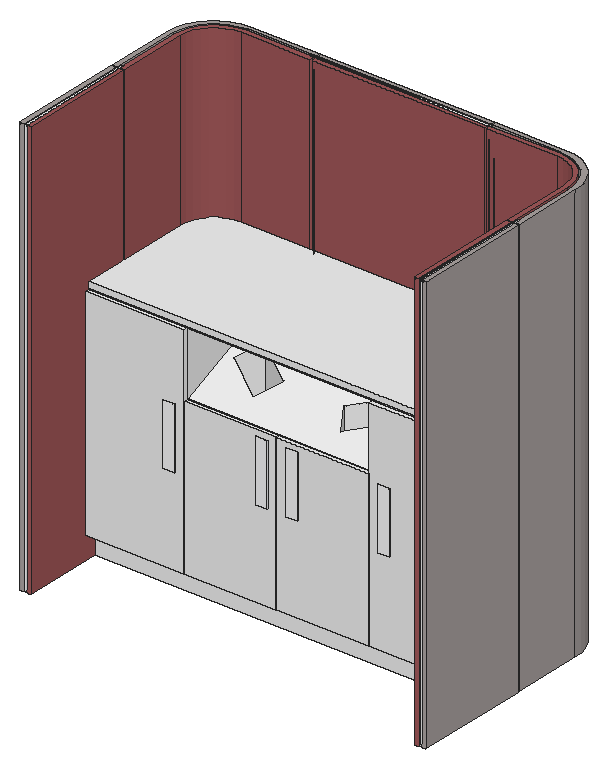
Revit family "NBS_Senator_MeetingPods_ResourceCorral", category Furniture, Revit 2018
Family settings
  Work Plane-Based = No
  Always vertical = Yes
  Cut with Voids When Loaded = No
  Shared = No
  Room Calculation Point = No
Parameters (values of type "PDRC18RECYCLE")
  WarrantyStartDate [instance] = "1900-12-31T23:59:59"
  WarrantyGuarantorParts = "contactus@thesenatorgroup.com"
  WarrantyGuarantorLabor = "n/a"
  WarrantyDurationUnit = "year"
  WarrantyDurationParts = "10"
  WarrantyDurationLabor = "n/a"
  WarrantyDescription = "Senator warrants that its manufactured products are free from manufacturing defects - in materials or workmanship - for a period of ten (10) years on Senator Seating ranges; and fifteen (15) years on Senator Desking ranges - exceptions are listed below. Senator will repair or replace (at Senator’s sole discretion) with comparable free of charge materials / components, any product / component, which fails under normal use in a single shift environment, as a result of a defect in the materials and / or workmanship"
  Version = "1"  # constant formula
  Uniclass2015Version = "Products v1.16"
  Uniclass2015Title = "Meeting pods"
  Uniclass2015Code = "Pr_40_50_12_53"
  TagNumber [instance] = "n/a"
  SustainabilityPerformance = "99% recyclable"
  Style = "Pods"
  StorageMaterial = NBS_Senator_Wood_White
  StorageHeight = 1070 mm  # constant formula
  StorageHandleMaterial = NBS_Senator_Aluminium_Flat_Silver
  Status = "UNSET"
  Size = "1000 x 1750 x 1400 mm"
  Shape = "n/a"
  SerialNumber [instance] = "n/a"
  SeatWidth = "n/a"
  SeatDepth = "n/a"
  Revision = "n/a"
  ResourceCorralWidth = 1750 mm  # constant formula
  ResourceCorralHeight [instance] = if(Is1400ScreenHeight, 1400 mm, 1800 mm)  # 1800 mm
  ResourceCorralDepth = 1000 mm  # constant formula
  ReplacementCost = "n/a"
  Reference = "n/a"
  ProductInformation = "n/a"
  PDRC18STORAGE = no
  PDRC18RECYCLE = not(PDRC18STORAGE)  # yes
  OuterPaneMaterial = NBS_Senator_VirginWool_StAndrews
  NominalWidth = 1400 mm
  NominalLength = 1750 mm
  NominalHeight = 1400 mm
  NominalDepth = 1000 mm
  Name = "Pods_ResourceCorral_PDRC18RECYCLE_Senator"
  NBSReference = "45-35-20/342"
  NBSDescription = "Meeting pods"
  NBSCertification = "www.nationalbimlibrary.com/cert/5pyf0izc"
  ModelReference = "Pods-ResourceCorral_PDRC18RECYCLE"
  ModelNumber = "PDRC18RECYCLE"
  Material = "Fabric, metal, plastic"
  ManufacturerURL = "www.senator.co.uk"
  ManufacturerName = "The Senator Group"  # constant formula
  Manufacturer = "sales@senator.co.uk"
  MainColor = "n/a"
  IsBuiltIn = no
  Is1400ScreenHeight [instance] = no
  InstallationDate [instance] = "1900-12-31T23:59:59"
  InnerPanelMaterial = NBS_Senator_VirginWool_Wellington
  IfcExportType = "USERDEFINED"  # constant formula
  IfcExportAs = "IfcFurnitureType"  # constant formula
  Grade = "n/a"
  FramesColour = "Black, white"
  FrameMaterial = NBS_Senator_Aluminium_Rigid_Siver
  FinishOptions = "Carini walnut, mocha, autumn, strata oak, maple, highland oak, beech, winter oak, hacienda white, white, light grey, denim, clay, lemon sorbet"
  Finish = "Outer vertical panels upholstered in camira, blazer fabric Two tone is standard"
  Features = "Internal frame with multi-layered acoustic foam, levelling adjusters, blazer fabric, outer vertical panels"
  FabricFinishOptions = "Plymouth, fairfield, latymer, lancaster, silcoates, silverdale, st andrews, trevelyan, ulster, wellington, wesley, manchester,"
  ExpectedLife = "10"
  DurationUnit = "year"
  Description = "Storage unit comprises two lockable cupboards and two recycle compartments with integrated bins"
  Constituents = "n/a"
  Color = "n/a"
  CodePerformance = "n/a"
  Category = "Pr_40_50_12_53:Meeting pods"
  BarCode [instance] = "n/a"
  BIMObjectName = "NBS_Senator_MeetingPods_ResourceCorral_PDRC18RECYCLE"
  Author = "NBS"  # constant formula
  AssetType = "Fixed"
  AssetIdentifier [instance] = "n/a"
  Accessories = "Monitor arms, PU desk accessories, desk top accessories, CPU holders, electrical accessories, coat hanger, name plate, A2 dry wipe board with hanger, A3 dry wipe board with hanger"
  AccessibilityPerformance = "n/a"
Types (3, lengths in mm): name | Size | ResourceCorralHeight | PDRC18STORAGE | PDRC18RECYCLE | NominalWidth | NominalHeight | Name | ModelReference | ModelNumber | Is1400ScreenHeight | BIMObjectName
  (no name) | "1000 x 1750 x 1400 mm" | 1800 | no | yes | 1400 | 1400 | "Pods_ResourceCorral_PDRC18RECYCLE_Senator" | "Pods-ResourceCorral_PDRC18RECYCLE" | "PDRC18RECYCLE" | no | "NBS_Senator_MeetingPods_ResourceCorral_PDRC18RECYCLE"
  PDRC18RECYCLE | "1000 x 1750 x 1400 mm" | 1800 | no | yes | 1400 | 1400 | "Pods_ResourceCorral_PDRC18RECYCLE_Senator" | "Pods-ResourceCorral_PDRC18RECYCLE" | "PDRC18RECYCLE" | no | "NBS_Senator_MeetingPods_ResourceCorral_PDRC18RECYCLE"
  PDRC18STORAGE | "1000 x 1750 x 1800 mm" | 1400 | yes | no | 1800 | 1800 | "Pods_ResourceCorral_PDRC18STORAGE_Senator" | "Pods-ResourceCorral_PDRC18STORAGE" | "PDRC18STORAGE" | yes | "NBS_Senator_MeetingPods_ResourceCorral_PDRC18STORAGE"
Reference planes
  plane 1 "Center (Front/Back)": y = 0
  plane 2: z = 0
  plane 3 "Center (Left/Right)": x = 0
  plane 4 "Left": x = -875
  plane 5 "Right": x = 875
  plane 6 "Back": y = 500
  plane 7 "Front": y = -500
  plane 8 "Top": z = 1800
  plane 9: x = -825
  plane 10: y = 450
  plane 11: x = 825
  plane 12: z = 1070
  plane 13: x = -855
  plane 14: x = -845
  plane 15: x = 845
  plane 16: x = 855
  plane 17: y = 480
  plane 18: y = 470
Forms (mm)
  Extrusion 1, solid, material "NBS_Senator_VirginWool_StAndrews" <- "OuterPaneMaterial", detail levels fine
    sketch origin (0, 0, 0) x (1, 0, 0) y (0, 1, 0)
      loop
        arc (-680, 500) -> (-817.886, 442.886) -> (-875, 305) r 195
        line (-875, 305) -> (-875, 5.846)
        arc (-875, 5.846) -> (-865, 0.843) -> (-855, 5.846) r 12.496
        line (-855, 5.846) -> (-855, 300)
        arc (-855, 300) -> (-802.279, 427.279) -> (-675, 480) r 180
        line (-675, 480) -> (-381.275, 480)
        arc (-381.275, 480) -> (-376.231, 490) -> (-381.275, 500) r 12.436
        line (-381.275, 500) -> (-680, 500)
      loop
        arc (-875, -494.999) -> (-865, -500) -> (-855, -494.999) r 12.499
        line (-855, -494.999) -> (-855, -5.154)
        arc (-855, -5.154) -> (-865, -0.151) -> (-875, -5.154) r 12.495
        line (-875, -5.154) -> (-875, -494.999)
      loop
        arc (875, 305) -> (817.886, 442.886) -> (680, 500) r 195
        line (680, 500) -> (380.025, 500)
        arc (380.025, 500) -> (375.004, 490) -> (380.025, 480) r 12.47
        line (380.025, 480) -> (670, 480)
        arc (670, 480) -> (800.815, 425.815) -> (855, 295) r 185
        line (855, 295) -> (855, 5.905)
        arc (855, 5.905) -> (865, 0.846) -> (875, 5.905) r 12.412
        line (875, 5.905) -> (875, 305)
      loop
        arc (855, -495.081) -> (865, -500) -> (875, -495.081) r 12.625
        line (875, -495.081) -> (875, -5.073)
        arc (875, -5.073) -> (865, -0.151) -> (855, -5.073) r 12.619
        line (855, -5.073) -> (855, -495.081)
      loop
        arc (-370.154, 500) -> (-375.275, 490) -> (-370.154, 480) r 12.324
        line (-370.154, 480) -> (368.904, 480)
        arc (368.904, 480) -> (374.025, 490) -> (368.904, 500) r 12.324
        line (368.904, 500) -> (-370.154, 500)
    from 0 to 1800
  Extrusion 2, solid, material "NBS_Senator_VirginWool_Wellington" <- "InnerPanelMaterial", detail levels fine
    sketch origin (0, 0, 0) x (1, 0, 0) y (0, 1, 0)
      loop
        arc (-675, 470) -> (-795.208, 420.208) -> (-845, 300) r 170
        line (-845, 300) -> (-845, 5.846)
        arc (-845, 5.846) -> (-835, 0.785) -> (-825, 5.846) r 12.411
        line (-825, 5.846) -> (-825, 305)
        arc (-825, 305) -> (-782.53, 407.53) -> (-680, 450) r 145
        line (-680, 450) -> (-381.285, 450)
        arc (-381.285, 450) -> (-376.275, 460) -> (-381.285, 470) r 12.485
        line (-381.285, 470) -> (-675, 470)
      loop
        arc (-845, -494.952) -> (-835, -500) -> (-825, -494.952) r 12.429
        line (-825, -494.952) -> (-825, -5.154)
        arc (-825, -5.154) -> (-835, -0.147) -> (-845, -5.154) r 12.489
        line (-845, -5.154) -> (-845, -494.952)
      loop
        arc (845, 300) -> (795.208, 420.208) -> (675, 470) r 170
        line (675, 470) -> (380.035, 470)
        arc (380.035, 470) -> (375.025, 460) -> (380.035, 450) r 12.485
        line (380.035, 450) -> (680, 450)
        arc (680, 450) -> (782.53, 407.53) -> (825, 305) r 145
        line (825, 305) -> (825, 5.905)
        arc (825, 5.905) -> (835, 0.832) -> (845, 5.905) r 12.392
        line (845, 5.905) -> (845, 300)
      loop
        arc (825, -494.82) -> (835, -500) -> (845, -494.82) r 12.242
        line (845, -494.82) -> (845, -5.154)
        arc (845, -5.154) -> (835, -0.135) -> (825, -5.154) r 12.471
        line (825, -5.154) -> (825, -494.82)
      loop
        arc (-370.154, 470) -> (-375.275, 460) -> (-370.154, 450) r 12.324
        line (-370.154, 450) -> (368.904, 450)
        arc (368.904, 450) -> (374.025, 460) -> (368.904, 470) r 12.324
        line (368.904, 470) -> (-370.154, 470)
    from 0 to 1800
  Extrusion 3, solid, material "NBS_Senator_Aluminium_Rigid_Siver" <- "FrameMaterial", detail levels fine
    sketch origin (0, 0, 0) x (1, 0, 0) y (0, 1, 0)
      loop
        arc (-855, -491.803) -> (-850, -496.803) -> (-845, -491.803) r 5
        line (-845, -491.803) -> (-845, 25.918) -> (-855, 25.918) -> (-855, -491.803)
      loop
        line (-401.348, 480) -> (-401.348, 470) -> (368.828, 470)
        arc (368.828, 470) -> (373.828, 475) -> (368.828, 480) r 5
        line (368.828, 480) -> (-401.348, 480)
      loop
        line (855, 25.918) -> (845, 25.918) -> (845, -491.005)
        arc (845, -491.005) -> (850, -496.005) -> (855, -491.005) r 5
        line (855, -491.005) -> (855, 25.918)
    from 0 to 1800
  Extrusion 4, solid, material "NBS_Senator_VirginWool_StAndrews" <- "OuterPaneMaterial", detail levels coarse+medium
    sketch origin (0, 0, 0) x (1, 0, 0) y (0, 1, 0)
      loop
        arc (-680, 505) -> (-821.421, 446.421) -> (-880, 305) r 200
        line (-880, 305) -> (-880, -486.917)
        arc (-880, -486.917) -> (-850, -516.917) -> (-820, -486.917) r 30
        line (-820, -486.917) -> (-820, 305)
        arc (-820, 305) -> (-778.995, 403.995) -> (-680, 445) r 140
        line (-680, 445) -> (680, 445)
        arc (680, 445) -> (778.995, 403.995) -> (820, 305) r 140
        line (820, 305) -> (820, -487.643)
        arc (820, -487.643) -> (850, -517.643) -> (880, -487.643) r 30
        line (880, -487.643) -> (880, 310)
        arc (880, 310) -> (822.886, 447.886) -> (685, 505) r 195
        line (685, 505) -> (-680, 505)
    from 0 to 1800
  Extrusion 5, solid, material "NBS_Senator_Wood_White" <- "StorageMaterial", detail levels coarse
    sketch origin (0, 0, 0) x (1, 0, 0) y (0, 1, 0)
      loop
        arc (-675, 445) -> (-777.53, 402.53) -> (-820, 300) r 145
        line (-820, 300) -> (-820, -210) -> (820, -210) -> (820, 305)
        arc (820, 305) -> (778.995, 403.995) -> (680, 445) r 140
        line (680, 445) -> (-675, 445)
    from 0 to 1070
Dimensions and locks
  "ResourceCorralHeight": plane 8 "Top" to plane 2
  equal spacing: plane 4 "Left", plane 3 "Center (Left/Right)", plane 5 "Right"
  "ResourceCorralWidth": plane 4 "Left" to plane 5 "Right"
  equal spacing: plane 6 "Back", plane 1 "Center (Front/Back)", plane 7 "Front"
  "ResourceCorralDepth": plane 6 "Back" to plane 7 "Front"
  locked: plane 4 "Left" to plane 9 at 50
  locked: plane 11 to plane 5 "Right" at 50
  locked: plane 6 "Back" to plane 10 at 50
  "StorageHeight": plane 12 to plane 2
  locked: plane 4 "Left" to plane 13 at 20
  locked: plane 14 to plane 9 at 20
  locked: plane 16 to plane 5 "Right" at 20
  locked: plane 11 to plane 15 at 20
  locked: plane 6 "Back" to plane 17 at 20
  locked: plane 10 to plane 18 at 20
  aligned and locked: level to plane 2
  aligned and locked: Extrusion 1 sketch curve to plane 6 "Back"
  aligned and locked: plane 4 "Left" to Extrusion 1 sketch curve
  aligned and locked: Extrusion 1 sketch curve to plane 13
  aligned and locked: plane 17 to Extrusion 1 sketch curve
  aligned and locked: Extrusion 1 sketch curve to plane 5 "Right"
  aligned and locked: plane 16 to Extrusion 1 sketch curve
  aligned and locked: plane 18 to Extrusion 2 sketch curve
  aligned and locked: plane 14 to Extrusion 2 sketch curve
  aligned and locked: plane 9 to Extrusion 2 sketch curve
  aligned and locked: Extrusion 2 sketch curve to plane 10
  aligned and locked: Extrusion 2 sketch curve to plane 15
  aligned and locked: Extrusion 2 sketch curve to plane 11
  aligned and locked: plane 14 to Extrusion 3 sketch curve
  aligned and locked: plane 13 to Extrusion 3 sketch curve
  aligned and locked: Extrusion 2 to plane 8 "Top"
  aligned and locked: Extrusion 1 to plane 8 "Top"
  aligned and locked: Extrusion 3 to plane 8 "Top"
  aligned and locked: Extrusion 4 to plane 8 "Top"
  aligned and locked: plane 9 to nested 1
  aligned and locked: plane 10 to nested 1
  aligned and locked: Extrusion 5 to plane 12
Automatic sketch dimensions
  Extrusion 1 sketch curve to plane 17 = 0 mm  (x2)
  Extrusion 1 sketch curve to plane 6 "Back" = 0 mm  (x2)
  Extrusion 1 sketch curve to plane 16 = 0 mm
  Extrusion 1 sketch curve to plane 5 "Right" = 0 mm
  plane 4 "Left" to Extrusion 1 sketch curve = 10 mm
  plane 9 to Extrusion 1 sketch curve = 145 mm
  Extrusion 1 sketch curve to Extrusion 1 sketch curve = 5 mm
  Extrusion 1 sketch curve to plane 6 "Back" = 10 mm  (x2)
  Extrusion 1 sketch curve to Extrusion 1 sketch curve = 286.333 mm
  Extrusion 1 sketch curve to Extrusion 1 sketch curve = 7.392 mm
  Extrusion 1 sketch curve to Extrusion 1 sketch curve = 11.121 mm  (x4)
  Extrusion 1 sketch curve to Extrusion 1 sketch curve = 7.203 mm  (x2)
  plane 3 "Center (Left/Right)" to Extrusion 1 sketch curve = 361.701 mm
  Extrusion 1 sketch curve to Extrusion 1 sketch curve = 7.449 mm
  Extrusion 1 sketch curve to plane 11 = 155 mm
  Extrusion 1 sketch curve to Extrusion 1 sketch curve = 10 mm
  Extrusion 1 sketch curve to plane 5 "Right" = 10 mm  (x3)
  Extrusion 1 sketch curve to plane 1 "Center (Front/Back)" = 13.339 mm
  Extrusion 1 sketch curve to plane 1 "Center (Front/Back)" = 13.257 mm
  Extrusion 1 sketch curve to plane 1 "Center (Front/Back)" = 5.905 mm
  Extrusion 1 sketch curve to plane 1 "Center (Front/Back)" = 5.846 mm  (x2)
  plane 1 "Center (Front/Back)" to Extrusion 1 sketch curve = 5.073 mm
  plane 1 "Center (Front/Back)" to Extrusion 1 sketch curve = 12.646 mm
  Extrusion 1 sketch curve to Extrusion 1 sketch curve = 7.696 mm
  plane 7 "Front" to Extrusion 1 sketch curve = 12.625 mm
  plane 7 "Front" to Extrusion 1 sketch curve = 12.499 mm
  plane 7 "Front" to Extrusion 1 sketch curve = 5.001 mm
  plane 7 "Front" to Extrusion 1 sketch curve = 4.919 mm
  plane 1 "Center (Front/Back)" to Extrusion 1 sketch curve = 5.154 mm  (x2)
  Extrusion 1 sketch curve to plane 4 "Left" = 0 mm
  Extrusion 1 sketch curve to plane 13 = 0 mm
  plane 18 to Extrusion 2 sketch curve = 0 mm  (x2)
  Extrusion 2 sketch curve to plane 10 = 0 mm  (x2)
  Extrusion 2 sketch curve to plane 11 = 0 mm
  Extrusion 2 sketch curve to plane 15 = 0 mm
  Extrusion 2 sketch curve to plane 1 "Center (Front/Back)" = 5.846 mm  (x2)
  Extrusion 2 sketch curve to plane 9 = 10 mm
  plane 9 to Extrusion 2 sketch curve = 145 mm
  Extrusion 2 sketch curve to Extrusion 2 sketch curve = 5 mm  (x2)
  plane 10 to Extrusion 2 sketch curve = 10 mm  (x2)
  Extrusion 2 sketch curve to Extrusion 2 sketch curve = 286.24 mm
  Extrusion 2 sketch curve to Extrusion 2 sketch curve = 7.475 mm
  Extrusion 2 sketch curve to Extrusion 2 sketch curve = 11.131 mm  (x4)
  Extrusion 2 sketch curve to Extrusion 2 sketch curve = 7.203 mm  (x2)
  plane 3 "Center (Left/Right)" to Extrusion 2 sketch curve = 361.7 mm
  Extrusion 2 sketch curve to Extrusion 2 sketch curve = 7.474 mm
  Extrusion 2 sketch curve to plane 10 = 150 mm
  plane 11 to Extrusion 2 sketch curve = 10 mm  (x3)
  plane 1 "Center (Front/Back)" to Extrusion 2 sketch curve = 5.154 mm  (x3)
  Extrusion 2 sketch curve to Extrusion 2 sketch curve = 7.452 mm
  plane 1 "Center (Front/Back)" to Extrusion 2 sketch curve = 12.635 mm
  plane 7 "Front" to Extrusion 2 sketch curve = 12.429 mm
  plane 7 "Front" to Extrusion 2 sketch curve = 12.242 mm
  plane 7 "Front" to Extrusion 2 sketch curve = 5.18 mm
  plane 7 "Front" to Extrusion 2 sketch curve = 5.048 mm
  Extrusion 2 sketch curve to plane 1 "Center (Front/Back)" = 5.905 mm
  Extrusion 2 sketch curve to plane 1 "Center (Front/Back)" = 13.196 mm
  Extrusion 2 sketch curve to Extrusion 2 sketch curve = 7.319 mm
  Extrusion 2 sketch curve to plane 14 = 0 mm
  Extrusion 2 sketch curve to plane 9 = 0 mm
  plane 18 to Extrusion 3 sketch curve = 0 mm
  Extrusion 3 sketch curve to plane 17 = 0 mm
  Extrusion 3 sketch curve to plane 15 = 0 mm
  Extrusion 3 sketch curve to plane 16 = 0 mm
  Extrusion 3 sketch curve to plane 3 "Center (Left/Right)" = 401.348 mm
  plane 3 "Center (Left/Right)" to Extrusion 3 sketch curve = 368.828 mm
  Extrusion 3 sketch curve to plane 1 "Center (Front/Back)" = 25.918 mm  (x2)
  plane 7 "Front" to Extrusion 3 sketch curve = 8.995 mm
  plane 7 "Front" to Extrusion 3 sketch curve = 8.197 mm
  Extrusion 4 sketch curve to Extrusion 4 sketch curve = 0 mm  (x2)
  Extrusion 4 sketch curve to plane 4 "Left" = 5 mm
  plane 13 to Extrusion 4 sketch curve = 5 mm
  Extrusion 4 sketch curve to Extrusion 4 sketch curve = 140 mm
  Extrusion 4 sketch curve to plane 10 = 5 mm
  Extrusion 4 sketch curve to plane 11 = 145 mm
  Extrusion 4 sketch curve to Extrusion 4 sketch curve = 5 mm
  Extrusion 4 sketch curve to plane 11 = 5 mm
  plane 15 to Extrusion 4 sketch curve = 5 mm
  plane 7 "Front" to Extrusion 4 sketch curve = 13.083 mm
  plane 7 "Front" to Extrusion 4 sketch curve = 12.357 mm
  plane 9 to Extrusion 5 sketch curve = 5 mm
  Extrusion 5 sketch curve to Extrusion 5 sketch curve = 145 mm
  Extrusion 5 sketch curve to plane 10 = 5 mm
  Extrusion 5 sketch curve to plane 11 = 145 mm
  Extrusion 5 sketch curve to plane 11 = 5 mm
  plane 1 "Center (Front/Back)" to Extrusion 5 sketch curve = 210 mm
Nested families
  nested 1: "NBS_Senator_ResourceCorral-Storage" at (0, 130, 0), type "NBS_Senator_ResourceCorral", detail levels medium+fine
Definition of nested family "NBS_Senator_ResourceCorral-Storage"
  Parameters (values of type "NBS_Senator_ResourceCorral-Storage")
    StorageWidth = 1650 mm  # constant formula
    StorageMaterial = none
    StorageHeight = 1070 mm  # constant formula
    StorageHandleMaterial = none
    StorageDepth = 640 mm  # constant formula
    PDRC18STORAGE = no
    PDRC18RECYCLE = yes
  Reference planes
    plane 1 "Center (Front/Back)": y = 0
    plane 2: z = 0
    plane 3 "Center (Left/Right)": x = 0
    plane 4 "Left": x = -825
    plane 5 "Right": x = 825
    plane 6 "Back": y = 320
    plane 7 "Front": y = -320
    plane 8 "Top": z = 1070
    plane 9: z = 1045
    plane 10: z = 1040
    plane 11: x = -400
    plane 12: x = -398
    plane 13: x = 396
    plane 14: x = 398
    plane 15: x = -2
    plane 16: z = 100
    plane 17: y = -284.984
    plane 18: y = -337.818
    plane 19: z = 740
    plane 20: z = 475
    plane 21: x = -487.969
    plane 22: x = -437.969
    plane 23: x = -89.844
    plane 24: x = -39.844
    plane 25: x = 39.998
    plane 26: x = 89.998
    plane 27: x = 437.969
    plane 28: x = 487.969
    plane 29: y = -338.818
    plane 30: z = 765
  Forms (mm)
    Extrusion 1, solid, material <- "StorageMaterial", detail levels medium+fine
      sketch origin (0, 0, 0) x (1, 0, 0) y (0, 1, 0)
        loop
          arc (-675, 320) -> (-781.066, 276.066) -> (-825, 170) r 150
          line (-825, 170) -> (-825, -320) -> (825, -320) -> (825, 170)
          arc (825, 170) -> (781.066, 276.066) -> (675, 320) r 150
          line (675, 320) -> (-675, 320)
      from 0 to 1045
    Extrusion 2, void
      sketch origin (0, 0, 0) x (0, 1, 0) y (0, 0, 1)
        loop
          line (-284.984, 100) -> (-354.984, 100) -> (-354.984, -5) -> (-284.984, -5) -> (-284.984, 100)
      from -863.676 to 873.611
    Extrusion 3, solid, material <- "StorageMaterial", detail levels medium+fine
      sketch origin (0, 0, 0) x (1, 0, 0) y (0, 1, 0)
        loop
          arc (-675, 320) -> (-781.066, 276.066) -> (-825, 170) r 150
          line (-825, 170) -> (-825, -320) -> (825, -320) -> (825, 170)
          arc (825, 170) -> (781.066, 276.066) -> (675, 320) r 150
          line (675, 320) -> (-675, 320)
      from 1045 to 1070
    Extrusion 4, solid, material <- "StorageMaterial", visible <- "PDRC18STORAGE", detail levels medium+fine
      sketch origin (0, 0, 0) x (1, 0, 0) y (0, 1, 0)
        loop
          line (-825, -320) -> (-825, -337.818) -> (-400, -337.818) -> (-400, -320) -> (-825, -320)
        loop
          line (825, -337.818) -> (825, -320) -> (398, -320) -> (398, -337.818) -> (825, -337.818)
        loop
          line (-398, -320) -> (-398, -337.818) -> (-2, -337.818) -> (-2, -320) -> (-398, -320)
        loop
          line (0, -320) -> (0, -337.818) -> (396, -337.818) -> (396, -320) -> (0, -320)
      from 100 to 1040
    Extrusion 5, solid, material <- "StorageHandleMaterial", detail levels fine
      sketch origin (0, 0, 0) x (1, 0, 0) y (0, 0, 1)
        loop
          line (-487.969, 740) -> (-487.969, 475) -> (-437.969, 475) -> (-437.969, 740) -> (-487.969, 740)
        loop
          line (-89.844, 740) -> (-89.844, 475) -> (-39.844, 475) -> (-39.844, 740) -> (-89.844, 740)
        loop
          line (39.998, 740) -> (39.998, 475) -> (89.998, 475) -> (89.998, 740) -> (39.998, 740)
        loop
          line (437.969, 740) -> (437.969, 475) -> (487.969, 475) -> (487.969, 740) -> (437.969, 740)
      from 337.818 to 338.818
    Extrusion 6, solid, material <- "StorageMaterial", detail levels coarse
      sketch origin (0, 0, 0) x (1, 0, 0) y (0, 1, 0)
        loop
          line (-825, 320) -> (-825, -338.818) -> (825, -338.818) -> (825, 320) -> (-825, 320)
      from 0 to 1070
    Extrusion 7, solid, material <- "StorageMaterial", visible <- "PDRC18RECYCLE", detail levels medium+fine
      sketch origin (0, 0, 0) x (1, 0, 0) y (0, 1, 0)
        loop
          line (-825, -320) -> (-825, -337.818) -> (-400, -337.818) -> (-400, -320) -> (-825, -320)
        loop
          line (825, -337.818) -> (825, -320) -> (398, -320) -> (398, -337.818) -> (825, -337.818)
      from 100 to 1040
    Extrusion 8, solid, material <- "StorageMaterial", visible <- "PDRC18RECYCLE", detail levels medium+fine
      sketch origin (0, 0, 0) x (1, 0, 0) y (0, 1, 0)
        loop
          line (-398, -320) -> (-398, -337.818) -> (-2, -337.818) -> (-2, -320) -> (-398, -320)
        loop
          line (0, -320) -> (0, -337.818) -> (396, -337.818) -> (396, -320) -> (0, -320)
      from 100 to 765
    Extrusion 9, void
      sketch origin (0, 0, 0) x (0, 1, 0) y (0, 0, 1)
        loop
          line (319, 1040) -> (-320, 1040) -> (-320, 765) -> (319, 1040)
      from -398 to 396
    Extrusion 10, void
      sketch origin (0, 0, 0) x (1, 0, 0) y (0, 1, 0)
        loop
          line (-297.665, -27.156) -> (-357.272, -119.606) -> (-189.181, -227.982) -> (-129.574, -135.532) -> (-297.665, -27.156)
        loop
          line (297.665, -27.156) -> (129.574, -135.532) -> (189.181, -227.982) -> (357.272, -119.606) -> (297.665, -27.156)
      from 646.288 to 945.753
  Cuts and joins
    Extrusion 2, Extrusion 9, Extrusion 10 cuts Extrusion 1
  Dimensions and locks
    "StorageHeight": plane 8 "Top" to plane 2
    equal spacing: plane 4 "Left", plane 3 "Center (Left/Right)", plane 5 "Right"
    "StorageWidth": plane 4 "Left" to plane 5 "Right"
    equal spacing: plane 6 "Back", plane 1 "Center (Front/Back)", plane 7 "Front"
    "StorageDepth": plane 6 "Back" to plane 7 "Front"
    locked: plane 8 "Top" to plane 9 at 25
    locked: plane 9 to plane 10 at 5
    locked: plane 16 to plane 2 at 100
    locked: plane 7 "Front" to plane 17 at 35.016
    locked: plane 19 to plane 20 at 265
    locked: plane 10 to plane 20 at 565
    locked: plane 21 to plane 22 at 50
    locked: plane 23 to plane 24 at 50
    locked: plane 25 to plane 26 at 50
    locked: plane 27 to plane 28 at 50
    locked: plane 24 to plane 15 at 37.844
    locked: plane 25 to plane 3 "Center (Left/Right)" at 39.998
    locked: plane 29 to plane 18 at 1
    locked: plane 30 to plane 19 at 25
    aligned and locked: level to plane 2
    aligned and locked: Extrusion 1 sketch curve to plane 6 "Back"
    aligned and locked: plane 4 "Left" to Extrusion 1 sketch curve
    aligned and locked: Extrusion 1 sketch curve to plane 5 "Right"
    aligned and locked: plane 7 "Front" to Extrusion 1 sketch curve
    aligned and locked: Extrusion 2 sketch curve to plane 16
    aligned and locked: plane 17 to Extrusion 2 sketch curve
    aligned and locked: cut or joined group of Extrusion 1, Extrusion 2, Extrusion 9, Extrusion 10 to plane 9
    aligned and locked: Extrusion 3 sketch curve to plane 6 "Back"
    aligned and locked: plane 4 "Left" to Extrusion 3 sketch curve
    aligned and locked: Extrusion 3 sketch curve to plane 5 "Right"
    aligned and locked: plane 7 "Front" to Extrusion 3 sketch curve
    aligned and locked: Extrusion 3 to plane 8 "Top"
    aligned and locked: plane 9 to Extrusion 3
    aligned and locked: Extrusion 4 sketch curve to plane 7 "Front"
    aligned and locked: plane 18 to Extrusion 4 sketch curve
    aligned and locked: Extrusion 4 sketch curve to plane 5 "Right"
    aligned and locked: plane 4 "Left" to Extrusion 4 sketch curve
    aligned and locked: plane 14 to Extrusion 4 sketch curve
    aligned and locked: plane 13 to Extrusion 4 sketch curve
    aligned and locked: Extrusion 4 sketch curve to plane 3 "Center (Left/Right)"
    aligned and locked: plane 15 to Extrusion 4 sketch curve
    aligned and locked: plane 12 to Extrusion 4 sketch curve
    aligned and locked: plane 11 to Extrusion 4 sketch curve
    aligned and locked: plane 16 to Extrusion 4
    aligned and locked: Extrusion 4 to plane 10
    aligned and locked: Extrusion 5 sketch curve to plane 19  (x4)
    aligned and locked: plane 20 to Extrusion 5 sketch curve  (x4)
    aligned and locked: Extrusion 5 sketch curve to plane 21
    aligned and locked: plane 22 to Extrusion 5 sketch curve
    aligned and locked: Extrusion 5 sketch curve to plane 23
    aligned and locked: plane 24 to Extrusion 5 sketch curve
    aligned and locked: Extrusion 5 sketch curve to plane 25
    aligned and locked: plane 26 to Extrusion 5 sketch curve
    aligned and locked: Extrusion 5 sketch curve to plane 27
    aligned and locked: plane 28 to Extrusion 5 sketch curve
    aligned and locked: plane 18 to Extrusion 5
    aligned and locked: Extrusion 5 to plane 29
    aligned and locked: Extrusion 6 sketch curve to plane 6 "Back"
    aligned and locked: plane 4 "Left" to Extrusion 6 sketch curve
    aligned and locked: plane 29 to Extrusion 6 sketch curve
    aligned and locked: Extrusion 6 sketch curve to plane 5 "Right"
    aligned and locked: Extrusion 6 to plane 8 "Top"
    aligned and locked: Extrusion 7 to plane 10
    aligned and locked: plane 16 to Extrusion 7
    aligned and locked: plane 16 to Extrusion 8
    aligned and locked: plane 30 to Extrusion 8
    aligned and locked: Extrusion 9 to plane 13
    aligned and locked: plane 12 to Extrusion 9
  Automatic sketch dimensions
    plane 4 "Left" to Extrusion 1 sketch curve = 150 mm
    Extrusion 1 sketch curve to plane 5 "Right" = 150 mm
    Extrusion 2 sketch curve to level = 5 mm
    Extrusion 2 sketch curve to plane 7 "Front" = 34.984 mm
    plane 4 "Left" to Extrusion 3 sketch curve = 150 mm
    Extrusion 3 sketch curve to plane 6 "Back" = 150 mm
    Extrusion 4 sketch curve to Extrusion 4 sketch curve = 0 mm
    Extrusion 4 sketch curve to plane 7 "Front" = 0 mm  (x3)
    Extrusion 4 sketch curve to plane 18 = 0 mm  (x2)
    Extrusion 7 sketch curve to plane 4 "Left" = 0 mm
    Extrusion 7 sketch curve to plane 11 = 0 mm
    Extrusion 7 sketch curve to plane 7 "Front" = 0 mm  (x2)
    Extrusion 7 sketch curve to plane 14 = 0 mm
    Extrusion 7 sketch curve to plane 5 "Right" = 0 mm
    Extrusion 7 sketch curve to plane 18 = 0 mm  (x2)
    Extrusion 8 sketch curve to plane 7 "Front" = 0 mm  (x2)
    Extrusion 8 sketch curve to plane 12 = 0 mm
    Extrusion 8 sketch curve to plane 15 = 0 mm
    Extrusion 8 sketch curve to plane 3 "Center (Left/Right)" = 0 mm
    Extrusion 8 sketch curve to plane 13 = 0 mm
    Extrusion 8 sketch curve to plane 18 = 0 mm  (x2)
    Extrusion 9 sketch curve to plane 7 "Front" = 0 mm
    plane 10 to Extrusion 9 sketch curve = 0 mm
    Extrusion 9 sketch curve to plane 6 "Back" = 1 mm
    Extrusion 9 sketch curve to plane 30 = 0 mm
    Extrusion 10 sketch curve to plane 12 = 40.728 mm
    Extrusion 10 sketch curve to plane 6 "Back" = 347.156 mm  (x2)
    Extrusion 10 sketch curve to plane 11 = 102.335 mm
    plane 1 "Center (Front/Back)" to Extrusion 10 sketch curve = 227.982 mm  (x2)
    Extrusion 10 sketch curve to plane 26 = 39.576 mm
    Extrusion 10 sketch curve to plane 26 = 99.183 mm
    Extrusion 10 sketch curve to Extrusion 10 sketch curve = 168.091 mm
    Extrusion 10 sketch curve to plane 3 "Center (Left/Right)" = 189.181 mm
